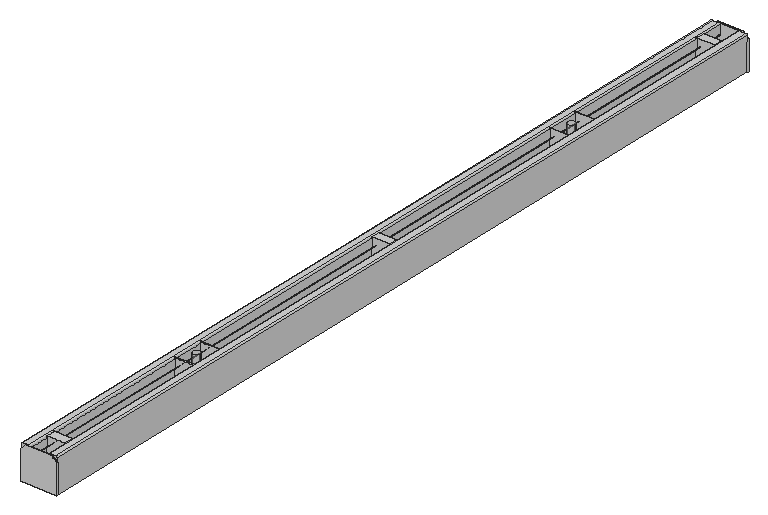
Revit family "ML_ML COMPENSATION 4''x8'_1920067", category Generic Models, Revit 2018
Family settings
  Can host rebar = No
  Round Connector Dimension = Use Diameter
  Part Type = Normal
  OmniClass Number = 35.51.14.00
  OmniClass Title = FORMWORK
  Work Plane-Based = Yes
  Always vertical = No
  Cut with Voids When Loaded = No
  Shared = Yes
  Room Calculation Point = No
Parameters
  VERSION = "20190101"  # constant formula
  URL = "www.ulmaconstruction.com/en"
  UNICLASS = ""
  ITEM_CODE = "1920067"
  Manufacturer = "ULMA CONSTRUCTION"  # constant formula
  FILTER [instance] = ""
  Default Elevation = 0"
  CLASSIFICATION_TITLE = ""
  CLASSIFICATION_NUMBER = ""
Reference planes (in)
  plane 1 "Centro (Frontal/Posterior)": y = 0
  plane 2: z = 0
  plane 3 "Centro (Izquierda/Derecha)": x = 0
  plane 4 "ITEM_HEIGHT": y = 96
  plane 5 "ITEM_WIDTH": x = 4
  plane 6 "TIE 1": y = 22
  plane 7 "TIE 2": y = 74
  plane 8 "MIDDLE": x = 2.00291
  plane 9 "LATERAL HOLES": z = 1.49989
Forms (in)
  Extrusion 1, solid, material "ULMA ZINC", detail levels fine
    sketch origin (0, 0, 0) x (0, 1, 0) y (0, 0, 1)
      loop
        line (0.15748, 0) -> (95.84375, 0) -> (95.84375, 0.64972) -> (0.15748, 0.64972) -> (0.15748, 0)
    from 0.47244 to 3.52756
  Extrusion 2, solid, material "ULMA ZINC", detail levels fine
    sketch origin (-14.5, 66.01575, 0) x (1, 0, 0) y (0, 0, 1)
      loop
        line (14.5, 0) -> (14.97244, 0) -> (14.97244, 0.64972) -> (15.32677, 0.64972)
        arc (15.32677, 0.64972) -> (15.43813, 0.69584) -> (15.48425, 0.8072) r 0.15748
        line (15.48425, 0.8072) -> (15.48425, 0.86626)
        arc (15.48425, 0.86626) -> (15.43813, 0.97761) -> (15.32677, 1.02374) r 0.15748
        line (15.32677, 1.02374) -> (14.77314, 1.02374)
        arc (14.77314, 1.02374) -> (14.72527, 1.03996) -> (14.69713, 1.08193) r 0.07874
        line (14.69713, 1.08193) -> (14.69713, 2.24353)
        arc (14.69713, 2.24353) -> (14.71999, 2.29957) -> (14.77587, 2.32283) r 0.07874
        line (14.77587, 2.32283) -> (15.13096, 2.32283)
        arc (15.13096, 2.32283) -> (15.19221, 2.33523) -> (15.24381, 2.37047) r 0.15748
        line (15.24381, 2.37047) -> (15.44021, 2.57226)
        arc (15.44021, 2.57226) -> (15.47326, 2.62282) -> (15.48484, 2.6821) r 0.15748
        line (15.48484, 2.6821) -> (15.48484, 3.64173)
        arc (15.48484, 3.64173) -> (15.43872, 3.75309) -> (15.32736, 3.79921) r 0.15748
        line (15.32736, 3.79921) -> (14.65966, 3.79921)
        arc (14.65966, 3.79921) -> (14.54676, 3.75245) -> (14.5, 3.63955) r 0.15966
        line (14.5, 3.63955) -> (14.5, 0)
    from -29.828 to 65.85827
  Extrusion 3, solid, material "ULMA ZINC", detail levels fine
    sketch origin (73.5, 66.01575, 0) x (-1, 0, 0) y (0, 0, -1)
      loop
        line (69.5, 0) -> (69.5, -3.63955)
        arc (69.5, -3.63955) -> (69.54676, -3.75245) -> (69.65966, -3.79921) r 0.15966
        line (69.65966, -3.79921) -> (70.32736, -3.79921)
        arc (70.32736, -3.79921) -> (70.43872, -3.75309) -> (70.48484, -3.64173) r 0.15748
        line (70.48484, -3.64173) -> (70.48484, -2.6821)
        arc (70.48484, -2.6821) -> (70.47326, -2.62282) -> (70.44021, -2.57226) r 0.15748
        line (70.44021, -2.57226) -> (70.24381, -2.37047)
        arc (70.24381, -2.37047) -> (70.19221, -2.33523) -> (70.13096, -2.32283) r 0.15748
        line (70.13096, -2.32283) -> (69.77587, -2.32283)
        arc (69.77587, -2.32283) -> (69.71999, -2.29957) -> (69.69713, -2.24353) r 0.07874
        line (69.69713, -2.24353) -> (69.69713, -1.08193)
        arc (69.69713, -1.08193) -> (69.72527, -1.03996) -> (69.77314, -1.02374) r 0.07874
        line (69.77314, -1.02374) -> (70.32677, -1.02374)
        arc (70.32677, -1.02374) -> (70.43813, -0.97761) -> (70.48425, -0.86626) r 0.15748
        line (70.48425, -0.86626) -> (70.48425, -0.8072)
        arc (70.48425, -0.8072) -> (70.43813, -0.69584) -> (70.32677, -0.64972) r 0.15748
        line (70.32677, -0.64972) -> (69.97244, -0.64972) -> (69.97244, 0) -> (69.5, 0)
    from -29.828 to 65.85827
  Extrusion 4, solid, material "ULMA ZINC", detail levels fine
    sketch origin (0, -1.81853, 0) x (0, 1, 0) y (0, 0, 1)
      loop
        line (5.26378, 3.79921) -> (4.27953, 3.79921) -> (4.27953, 0.64961) -> (5.26378, 0.64961) -> (5.26378, 3.79921)
    from 0.98425 to 3.01575
  Extrusion 5, solid, material "ULMA ZINC", detail levels fine
    sketch origin (0, 15.75591, 0) x (0, 1, 0) y (0, 0, 1)
      loop
        line (4.51181, 3.7991) -> (4.41339, 3.7991) -> (4.41339, 0.84634)
        arc (4.41339, 0.84634) -> (4.47104, 0.70715) -> (4.61024, 0.64949) r 0.19685
        line (4.61024, 0.64949) -> (7.87795, 0.64949)
        arc (7.87795, 0.64949) -> (8.01715, 0.70715) -> (8.0748, 0.84634) r 0.19685
        line (8.0748, 0.84634) -> (8.0748, 3.7991) -> (7.97638, 3.7991) -> (7.97638, 0.84634)
        arc (7.97638, 0.84634) -> (7.94755, 0.77675) -> (7.87795, 0.74792) r 0.09843
        line (7.87795, 0.74792) -> (4.61024, 0.74792)
        arc (4.61024, 0.74792) -> (4.54064, 0.77675) -> (4.51181, 0.84634) r 0.09843
        line (4.51181, 0.84634) -> (4.51181, 3.7991)
    from 0.98425 to 3.01575
  Extrusion 6, solid, material "ULMA ZINC", detail levels fine
    sketch origin (0, 67.75591, 0) x (0, 1, 0) y (0, 0, 1)
      loop
        line (4.51181, 3.7991) -> (4.41339, 3.7991) -> (4.41339, 0.84634)
        arc (4.41339, 0.84634) -> (4.47104, 0.70715) -> (4.61024, 0.64949) r 0.19685
        line (4.61024, 0.64949) -> (7.87795, 0.64949)
        arc (7.87795, 0.64949) -> (8.01715, 0.70715) -> (8.0748, 0.84634) r 0.19685
        line (8.0748, 0.84634) -> (8.0748, 3.7991) -> (7.97638, 3.7991) -> (7.97638, 0.84634)
        arc (7.97638, 0.84634) -> (7.94755, 0.77675) -> (7.87795, 0.74792) r 0.09843
        line (7.87795, 0.74792) -> (4.61024, 0.74792)
        arc (4.61024, 0.74792) -> (4.54064, 0.77675) -> (4.51181, 0.84634) r 0.09843
        line (4.51181, 0.84634) -> (4.51181, 3.7991)
    from 0.98425 to 3.01575
  Extrusion 7, solid, material "ULMA ZINC", detail levels fine
    sketch origin (0, 43.22835, 0) x (0, 1, 0) y (0, 0, 1)
      loop
        line (5.26378, 3.79921) -> (4.27953, 3.79921) -> (4.27953, 0.64961) -> (5.26378, 0.64961) -> (5.26378, 3.79921)
    from 0.98425 to 3.01575
  Extrusion 8, solid, material "ULMA ZINC", detail levels fine
    sketch origin (0, 88.27559, 0) x (0, 1, 0) y (0, 0, 1)
      loop
        line (5.26378, 3.79921) -> (4.27953, 3.79921) -> (4.27953, 0.64961) -> (5.26378, 0.64961) -> (5.26378, 3.79921)
    from 0.98425 to 3.01575
  Extrusion 9, solid, material "ULMA ZINC", detail levels fine
    sketch origin (0, 0, 0) x (1, 0, 0) y (0, 0, 1)
      loop
        line (0, 0) -> (4, 0) -> (4, 3.21448) -> (3.41527, 3.79921) -> (0.59055, 3.79921) -> (0, 3.20866) -> (0, 0)
    from -0.15748 to 0
  Extrusion 10, solid, material "ULMA ZINC", detail levels fine
    sketch origin (0, 0, 0) x (1, 0, 0) y (0, 0, 1)
      loop
        line (0, 0) -> (4, 0) -> (4, 3.21448) -> (3.41527, 3.79921) -> (0.59055, 3.79921) -> (0, 3.20866) -> (0, 0)
    from -96 to -95.84375
  Extrusion 11, solid, material "ULMA TRANSPARENT WHITE"
    sketch origin (0, 0, 0) x (1, 0, 0) y (0, 1, 0)
      loop
        circle (2, 22) r 0.41339
    from 0.74792 to 3.7991
  Extrusion 12, solid, material "ULMA TRANSPARENT WHITE"
    sketch origin (0, 52, 0) x (1, 0, 0) y (0, 1, 0)
      loop
        circle (2, 22) r 0.41339
    from 0.74792 to 3.7991
Lines and regions (in)
  model lines, style "ULMA PANELS", detail levels medium
    curve 1: line (0, 0, 0) -> (4, 0, 0)
    curve 2: line (4, 0, 0) -> (4, 96, 0)
    curve 3: line (4, 96, 0) -> (0, 96, 0)
    curve 4: line (0, 96, 0) -> (0, 0, 0)
  model lines, style "ULMA PANELS", detail levels fine
    curve 5: circle (2, 22, 0.74792) r 0.41339 normal (0, 0, 1)
    curve 6: circle (2, 22, 0) r 0.41339 normal (0, 0, 1)
    curve 7: circle (2, 74, 0.74792) r 0.41339 normal (0, 0, 1)
    curve 8: circle (2, 74, 0) r 0.41339 normal (0, 0, 1)
    curve 9: circle (0, 6, 1.49989) r 0.3937 normal (1, 0, 0)
    curve 10: circle (4, 6, 1.49989) r 0.3937 normal (1, 0, 0)
    curve 11: circle (0, 18, 1.49989) r 0.3937 normal (1, 0, 0)
    curve 12: circle (0, 30, 1.49989) r 0.3937 normal (1, 0, 0)
    curve 13: circle (0, 42, 1.49989) r 0.3937 normal (1, 0, 0)
    curve 14: circle (4, 18, 1.49989) r 0.3937 normal (1, 0, 0)
    curve 15: circle (4, 30, 1.49989) r 0.3937 normal (1, 0, 0)
    curve 16: circle (4, 42, 1.49989) r 0.3937 normal (1, 0, 0)
    curve 17: circle (0, 54, 1.49989) r 0.3937 normal (1, 0, 0)
    curve 18: circle (4, 54, 1.49989) r 0.3937 normal (1, 0, 0)
    curve 19: circle (0, 66, 1.49989) r 0.3937 normal (1, 0, 0)
    curve 20: circle (4, 66, 1.49989) r 0.3937 normal (1, 0, 0)
    curve 21: circle (0, 78, 1.49989) r 0.3937 normal (1, 0, 0)
    curve 22: circle (4, 78, 1.49989) r 0.3937 normal (1, 0, 0)
    curve 23: circle (0, 90, 1.49989) r 0.3937 normal (1, 0, 0)
    curve 24: circle (4, 90, 1.49989) r 0.3937 normal (1, 0, 0)
Dimensions and locks (in)
  locked: plane 1 "Centro (Frontal/Posterior)" to plane 4 "ITEM_HEIGHT" at 96
  locked: Extrusion 5 sketch curve to Extrusion 5 sketch curve at 0.09843  (x2)
  equal spacing: Extrusion 5 sketch curve, plane 6 "TIE 1", Extrusion 5 sketch curve
  locked: Extrusion 6 sketch curve to Extrusion 6 sketch curve at 0.09843  (x2)
  equal spacing: Extrusion 6 sketch curve, plane 7 "TIE 2", Extrusion 6 sketch curve
  locked: curve 9 to plane 1 "Centro (Frontal/Posterior)" at 6
  locked: plane 9 "LATERAL HOLES" to plane 2 at 1.49989
  aligned and locked: plane 2 to level
  aligned and locked: Extrusion 2 to plane 3 "Centro (Izquierda/Derecha)"
  aligned and locked: Extrusion 1 to Extrusion 2  (x2)
  aligned and locked: Extrusion 1 to Extrusion 3
  aligned and locked: plane 4 "ITEM_HEIGHT" to Extrusion 10
  aligned and locked: Extrusion 2 to Extrusion 10
  aligned and locked: Extrusion 3 to Extrusion 10
  aligned and locked: Extrusion 2 to Extrusion 1
